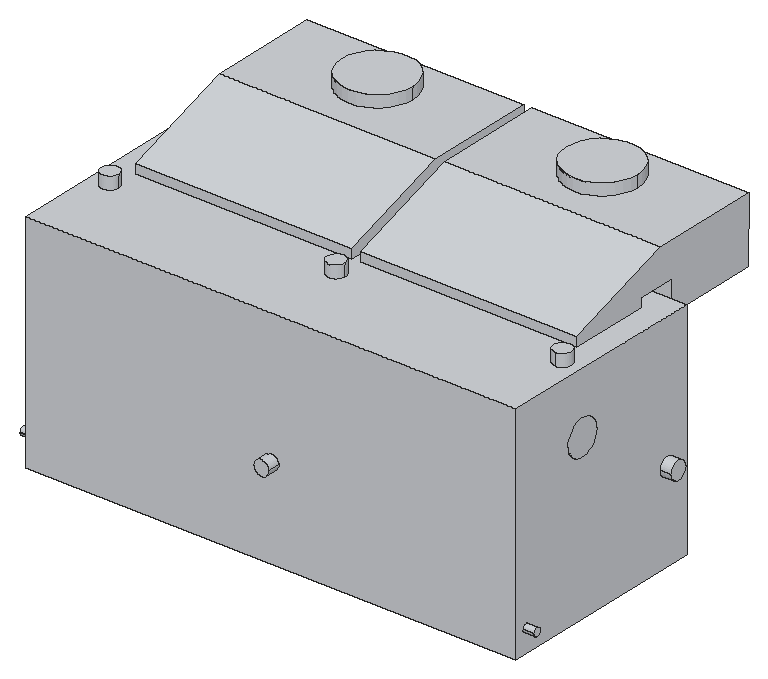
Revit family "f89224306cb6416989a7e629e5ad4aed", category Mechanical Equipment, Revit 2021
Family settings
  Round Connector Dimension = Use Radius
  Part Type = Normal
  OmniClass Number = 23.75.10.11.14.11
  OmniClass Title = Cast-Iron Boilers
  Seek Item ID = Gas Fired Boiler - Cast Iron - 873-1123 MBH-0000-USA-ENU
  Work Plane-Based = No
  Always vertical = Yes
  Cut with Voids When Loaded = No
  Shared = No
  Room Calculation Point = No
Parameters (values of type "873 MBH")
  Water Flow [instance] = 9.2 GPM
  Vent Radius 2 = 6"
  Vent Radius 1 = 6"
  Vent Length 2 = 1' - 10 3/8"
  Vent Length 1 = 3' - 2"
  Vent Diameter 1 = Vent Radius 1 * 2  # 12"
  Vent Diameter 2 = Vent Radius 2 * 2  # 12"
  Temperature Rise [instance] = 60 °F
  Supply Length 2 = 3' - 2 1/4"
  Supply Length 1 = 3' - 2 1/4"
  Water Pressure Drop [instance] = 47.50 psi
  Output Heat [instance] = 873600 Btu/h
  Input Heat [instance] = 1092000.0 Btu/h
  Gas Radius = 5/8"
  Gas Flow [instance] = 0.9 GPM
  Gas Diameter = Gas Radius * 2  # 1 1/4"
  Hot Water Radius = 1 1/2"
  Hot Water Diameter = Hot Water Radius * 2  # 3"
  Exhaust Air Flow [instance] = 0 CFM
  Default Elevation = 0' - 0"
  Cold Water Radius = 1 1/2"
  Cold Water Diameter = Cold Water Radius * 2  # 3"
  Drafthood Length 2 = 3' - 0 77/128"
  Drafthood Length 1 = 3' - 0 77/128"
  Boiler Material = none
  Boiler Length = 6' - 10 7/8"
  BHP [instance] = 25.77
  Hot Water Radius 1 = 1 1/2"
  Hot Water Diameter 1 = Hot Water Radius 1 * 2  # 3"
  Cold Water Radius 1 = 1 1/4"
  Cold Water Diameter 1 = Cold Water Radius 1 * 2  # 2 1/2"
  Assembly Code = ""
Types (4): name | Vent Length 2 | Vent Length 1 | Supply Length 2 | Supply Length 1 | Output Heat | Input Heat | Drafthood Length 2 | Drafthood Length 1 | Boiler Length | BHP
  873 MBH | 1' - 10 3/8" | 3' - 2" | 3' - 2 1/4" | 3' - 2 1/4" | 873600 Btu/h | 1092000.0 Btu/h | 3' - 0 77/128" | 3' - 0 77/128" | 6' - 10 7/8" | 25.77
  998 MBH | 2' - 1 1/8" | 3' - 7 1/2" | 3' - 7 5/8" | 3' - 7 5/8" | 998400 Btu/h | 1248000.0 Btu/h | 3' - 6 13/128" | 3' - 6 13/128" | 7' - 9 3/4" | 29.45
  1061 MBH | 2' - 3 7/8" | 3' - 10 1/4" | 4' - 1 1/8" | 3' - 7 5/8" | 1060800 Btu/h | 1326000.0 Btu/h | 3' - 11 1/2" | 3' - 6 13/128" | 8' - 3 1/4" | 31.29
  1123 MBH | 2' - 3 7/8" | 4' - 1" | 4' - 1 1/8" | 4' - 1 1/8" | 1123200 Btu/h | 1404000.0 Btu/h | 3' - 11 1/2" | 3' - 11 1/2" | 8' - 8 5/8" | 33.13
Reference planes (in)
  plane 1 "Center (Front/Back)": y = 0
  plane 2: z = 0
  plane 3 "Center (Left/Right)": x = 0
  plane 4: x = 82.875
  plane 5: y = 36
  plane 6: z = 38
  plane 7: z = 4
  plane 8: y = 2
  plane 9: x = -2
  plane 10: y = 31.8125
  plane 11: z = 15.375
  plane 12: x = 3.25
  plane 13: y = 13.75
  plane 14: z = 40
  plane 15: x = 41.5
  plane 16: x = 60.5
  plane 17: x = 42.19922
  plane 18: x = 78.80078
  plane 19: z = 27.5
  plane 20: y = 14
  plane 21: y = 54.1875
  plane 22: z = 34.1875
  plane 23: z = 45.4375
  plane 24: y = 38
  plane 25: y = 31.4375
  plane 26: y = 18
  plane 27: z = 39.5
  plane 28: y = 35.75
  plane 29: y = 46.1875
  plane 30: z = 47.4375
  plane 31: x = 84.875
  plane 32: x = 22.5
  plane 33: x = 4.19922
  plane 34: x = 40.80078
  plane 35: x = 79.75
  plane 36: y = -2
Forms (in)
  Extrusion 1, solid, material <- "Boiler Material"
    sketch origin (0, 0, 0) x (1, 0, 0) y (0, 1, 0)
      loop
        line (0, 36) -> (0, 0) -> (82.875, 0) -> (82.875, 36) -> (0, 36)
    from 0 to 38
  Extrusion 2, solid, material <- "Boiler Material"
    sketch origin (0, 0, 0) x (0, 1, 0) y (0, 0, 1)
      loop
        circle (2, 4) r 0.625
    from 0 to -2
  Extrusion 3, solid, material <- "Boiler Material"
    sketch origin (0, 0, 0) x (0, 1, 0) y (0, 0, 1)
      loop
        circle (31.8125, 15.375) r 1.5
    from 0 to -2
  Extrusion 4, solid, material <- "Boiler Material"
    sketch origin (0, 0, 0) x (1, 0, 0) y (0, 1, 0)
      loop
        circle (3.25, 13.75) r 1.5
    from 38 to 40
  Extrusion 5, solid, material <- "Boiler Material"
    sketch origin (0, 0, 0) x (1, 0, 0) y (0, 1, 0)
      loop
        circle (41.5, 13.75) r 1.5
    from 38 to 40
  Extrusion 6, solid, material <- "Boiler Material"
    sketch origin (0, 0, 0) x (0, 1, 0) y (0, 0, 1)
      loop
        circle (14, 27.5) r 3
    from 0 to 60.5
  Extrusion 7, solid, material <- "Boiler Material", detail levels fine
    sketch origin (0, 0, 0) x (0, 1, 0) y (0, 0, 1)
      loop
        line (18, 38) -> (31.4375, 38) -> (31.4375, 39.5) -> (38, 39.5) -> (38, 34.1875) -> (54.1875, 34.1875) -> (54.1875, 45.4375) -> (35.75, 45.4375) -> (18, 39.5) -> (18, 38)
    from 42.19922 to 78.80078
  Extrusion 8, solid, material <- "Boiler Material"
    sketch origin (0, 0, 0) x (1, 0, 0) y (0, 1, 0)
      loop
        circle (60.5, 46.1875) r 6
    from 45.4375 to 47.4375
  Extrusion 9, solid, material <- "Boiler Material"
    sketch origin (34, 0, 0) x (0, 1, 0) y (0, 0, -1)
      loop
        circle (31.8125, -15.375) r 1.5
    from -48.875 to -50.875
  Extrusion 10, solid, material <- "Boiler Material"
    sketch origin (44.75, 0, 0) x (0, 1, 0) y (0, 0, -1)
      loop
        circle (14, -27.5) r 3
    from -38.125 to -15.75
  Extrusion 11, solid, material <- "Boiler Material", detail levels fine
    sketch origin (59.55078, 0, 0) x (0, 1, 0) y (0, 0, -1)
      loop
        line (18, -38) -> (18, -39.5) -> (35.75, -45.4375) -> (54.1875, -45.4375) -> (54.1875, -34.1875) -> (38, -34.1875) -> (38, -39.5) -> (31.4375, -39.5) -> (31.4375, -38) -> (18, -38)
    from 18.75 to 55.35156
  Extrusion 12, solid, material <- "Boiler Material"
    sketch origin (62.44922, 0, 0) x (-1, 0, 0) y (0, -1, 0)
      loop
        circle (39.94922, -46.1875) r 6
    from 45.4375 to 47.4375
  Extrusion 13, solid, material <- "Boiler Material"
    sketch origin (0, 0, 0) x (1, 0, 0) y (0, 0, 1)
      loop
        circle (41.5, 15.375) r 1.25
    from 0 to 2
  Extrusion 14, solid, material <- "Boiler Material"
    sketch origin (0, 57.68752, 4) x (0, 1, 0) y (-1, 0, 0)
      loop
        circle (-43.93752, -79.75) r 1.5
    from 34 to 36
  Extrusion 15, solid, material <- "Boiler Material"
    sketch origin (84.39844, 0, 0) x (0, 1, 0) y (0, 0, -1)
      loop
        circle (2, -4) r 0.625
    from 1.52344 to -0.47656
  Extrusion 16, solid, material <- "Boiler Material", detail levels coarse+medium
    sketch origin (0, 57.68752, 4) x (0, 1, 0) y (-1, 0, 0)
      loop
        line (-3.50002, -4.19922) -> (-21.68752, -4.19922) -> (-21.68752, -78.80078) -> (-3.50002, -78.80078) -> (-3.50002, -4.19922)
    from 30.1875 to 41.4375
  Extrusion 17, solid, material <- "Boiler Material", detail levels coarse+medium
    sketch origin (0, 57.68752, 4) x (0, 1, 0) y (-1, 0, 0)
      loop
        line (-21.68752, -4.19922) -> (-39.68752, -4.19922) -> (-39.68752, -78.80078) -> (-21.68752, -78.80078) -> (-21.68752, -4.19922)
    from 34 to 41.4375
  Extrusion 18, solid, material <- "Boiler Material", detail levels fine
    sketch origin (0, 0, 0) x (1, 0, 0) y (0, 0, 1)
      loop
        circle (41.5, 15.375) r 1.25
    from 0 to 2
  Extrusion 19, solid, material <- "Boiler Material", detail levels fine
    sketch origin (79.75, 0, 0) x (0, 1, 0) y (0, 0, 1)
      loop
        circle (31.8125, 15.375) r 1.5
      loop
        circle (2, 4) r 0.625
    from 3.125 to 5.125
  Extrusion 20, solid, material <- "Boiler Material", detail levels fine
    sketch origin (79.75, 0, 0) x (0, 1, 0) y (0, 0, 1)
      loop
        circle (31.8125, 15.375) r 1.5
      loop
        circle (2, 4) r 0.625
    from -79.75 to -81.75
Cuts and joins
  joined: Extrusion 16, Extrusion 17
  joined: Extrusion 7, Extrusion 11
  joined: Extrusion 1, Extrusion 4, Extrusion 5, Extrusion 8, Extrusion 12, Extrusion 14
  joined: Extrusion 2, Extrusion 3, Extrusion 9, Extrusion 13, Extrusion 15
Lines and regions (in)
  model lines, detail levels coarse+medium
    curve 1: line (0, 2, 4) -> (-2, 2, 4)
    curve 2: line (0, 31.8125, 15.375) -> (-2, 31.8125, 15.375)
    curve 3: line (84.875, 31.8125, 15.375) -> (82.875, 31.8125, 15.375)
    curve 6: line (82.875, 2, 4) -> (84.875, 2, 4)
    curve 7: line (41.5, 0, 15.4109) -> (41.5, -2, 15.4109)
  model lines, detail levels coarse
    curve 4: line (60.5, 46.1875, 45.4375) -> (60.5, 46.1875, 47.4375)
    curve 5: line (22.5, 46.1875, 45.4375) -> (22.5, 46.1875, 47.4375)
  symbolic lines, detail levels fine
    curve 8: line (0, 33.3125, 4) -> (-2, 33.3125, 4)
    curve 9: line (-2, 30.3125, 4) -> (0, 30.3125, 4)
    curve 10: line (-2, 30.3125, 4) -> (-2, 33.3125, 4)
    curve 11: line (0, 2.625, 4) -> (-2, 2.625, 4)
    curve 12: line (-2, 1.375, 4) -> (0, 1.375, 4)
    curve 13: line (-2, 1.375, 4) -> (-2, 2.625, 4)
    curve 14: line (82.875, 33.3125, 4) -> (84.875, 33.3125, 4)
    curve 15: line (82.875, 30.3125, 4) -> (84.875, 30.3125, 4)
    curve 16: line (84.875, 33.3125, 4) -> (84.875, 30.3125, 4)
    curve 17: line (82.875, 2.625, 4) -> (84.875, 2.625, 4)
    curve 18: line (82.875, 1.375, 4) -> (84.875, 1.375, 4)
    curve 19: line (84.875, 2.625, 4) -> (84.875, 1.375, 4)
    curve 20: line (40.25, 0, 4) -> (40.25, -2, 4)
    curve 21: line (42.75, 0, 4) -> (42.75, -2, 4)
    curve 22: line (40.25, -2, 4) -> (42.75, -2, 4)
Dimensions and locks (in)
  locked: plane 6 to plane 2 at 38
  locked: plane 5 to plane 1 "Center (Front/Back)" at 36
  "Boiler Length": plane 4 to plane 3 "Center (Left/Right)"
  locked: plane 7 to plane 2 at 4
  locked: plane 8 to plane 1 "Center (Front/Back)" at 2
  locked: plane 3 "Center (Left/Right)" to plane 9 at 2
  locked: plane 5 to plane 10 at 4.1875
  locked: plane 11 to plane 2 at 15.375
  locked: plane 12 to plane 3 "Center (Left/Right)" at 3.25
  locked: plane 13 to plane 1 "Center (Front/Back)" at 13.75
  locked: plane 14 to plane 6 at 2
  "Supply Length 1": plane 15 to plane 12
  "Vent Length 2": plane 4 to plane 16
  "Drafthood Length 2": plane 18 to plane 17
  equal spacing: plane 18, plane 16, plane 17
  locked: plane 19 to plane 2 at 27.5
  locked: plane 20 to plane 1 "Center (Front/Back)" at 14
  locked: plane 21 to plane 1 "Center (Front/Back)" at 54.1875
  locked: plane 22 to plane 2 at 34.1875
  locked: plane 23 to plane 22 at 11.25
  locked: plane 21 to plane 24 at 16.1875
  locked: plane 24 to plane 25 at 6.5625
  locked: plane 25 to plane 26 at 13.4375
  locked: plane 27 to plane 6 at 1.5
  locked: plane 28 to plane 26 at 17.75
  locked: plane 29 to plane 1 "Center (Front/Back)" at 46.1875
  locked: plane 30 to plane 23 at 2
  locked: plane 31 to plane 4 at 2
  "Vent Length 1": plane 16 to plane 32
  "Drafthood Length 1": plane 34 to plane 33
  equal spacing: plane 34, plane 32, plane 33
  "Supply Length 2": plane 35 to plane 15
  locked: plane 1 "Center (Front/Back)" to plane 36 at 2
  plane 15 to plane 35 = 3' - 2 1/4"
  "Gas Radius": radius of Extrusion 2 sketch curve
  "Cold Water Radius": radius of Extrusion 3 sketch curve
  "Hot Water Radius": radius of Extrusion 4 sketch curve
  "Hot Water Radius 1": radius of Extrusion 5 sketch curve
  radius of Extrusion 6 sketch curve = 0' - 3"
  "Vent Radius 2": radius of Extrusion 8 sketch curve
  "Cold Water Radius": radius of Extrusion 9 sketch curve
  radius of Extrusion 10 sketch curve = 0' - 3"
  "Vent Radius 1": radius of Extrusion 12 sketch curve
  "Cold Water Radius 1": radius of Extrusion 13 sketch curve
  "Hot Water Radius": radius of Extrusion 14 sketch curve
  "Gas Radius": radius of Extrusion 15 sketch curve
  "Cold Water Radius 1": radius of Extrusion 18 sketch curve
  "Cold Water Radius": radius of Extrusion 19 sketch curve
  "Gas Radius": radius of Extrusion 19 sketch curve
  "Cold Water Radius": radius of Extrusion 20 sketch curve
  "Gas Radius": radius of Extrusion 20 sketch curve
  aligned and locked: Extrusion 1 to plane 5
  aligned and locked: plane 1 "Center (Front/Back)" to Extrusion 1
  aligned and locked: Extrusion 1 to plane 3 "Center (Left/Right)"
  aligned and locked: plane 4 to Extrusion 1
  aligned and locked: plane 6 to Extrusion 1
  aligned and locked: Extrusion 1 to plane 2
  aligned and locked: plane 8 to Extrusion 2 sketch curve
  aligned and locked: plane 7 to Extrusion 2 sketch curve
  aligned and locked: Extrusion 2 to plane 9
  aligned and locked: plane 3 "Center (Left/Right)" to Extrusion 2
  aligned and locked: plane 10 to Extrusion 3 sketch curve
  aligned and locked: plane 11 to Extrusion 3 sketch curve
  aligned and locked: Extrusion 3 to plane 9
  aligned and locked: plane 3 "Center (Left/Right)" to Extrusion 3
  aligned and locked: plane 13 to Extrusion 4 sketch curve
  aligned and locked: plane 12 to Extrusion 4 sketch curve
  aligned and locked: plane 14 to Extrusion 4
  aligned and locked: Extrusion 4 to plane 6
  aligned and locked: plane 15 to Extrusion 5 sketch curve
  aligned and locked: plane 13 to Extrusion 5 sketch curve
  aligned and locked: plane 14 to Extrusion 5
  aligned and locked: Extrusion 5 to plane 6
  aligned and locked: plane 20 to Extrusion 6 sketch curve
  aligned and locked: plane 19 to Extrusion 6 sketch curve
  aligned and locked: Extrusion 6 to plane 3 "Center (Left/Right)"
  aligned and locked: plane 16 to Extrusion 6
  aligned and locked: plane 23 to Extrusion 7
  aligned and locked: Extrusion 7 to plane 21
  aligned and locked: Extrusion 7 to plane 22
  aligned and locked: plane 24 to Extrusion 7
  aligned and locked: Extrusion 7 to plane 27
  aligned and locked: Extrusion 7 to plane 25
  aligned and locked: Extrusion 7 to plane 6
  aligned and locked: plane 26 to Extrusion 7
  aligned and locked: plane 18 to Extrusion 7
  aligned and locked: Extrusion 7 to plane 17
  aligned and locked: plane 16 to Extrusion 8 sketch curve
  aligned and locked: plane 29 to Extrusion 8 sketch curve
  aligned and locked: plane 23 to Extrusion 8
  aligned and locked: plane 30 to Extrusion 8
  aligned and locked: plane 31 to Extrusion 9
  aligned and locked: Extrusion 9 to plane 4
  aligned and locked: plane 10 to Extrusion 9 sketch curve
  aligned and locked: plane 11 to Extrusion 9 sketch curve
  aligned and locked: Extrusion 10 to plane 16
  aligned and locked: plane 4 to Extrusion 10
  aligned and locked: plane 20 to Extrusion 10 sketch curve
  aligned and locked: plane 19 to Extrusion 10 sketch curve
  aligned and locked: plane 3 "Center (Left/Right)" to curve 1
  aligned and locked: plane 9 to curve 1
  aligned and locked: plane 7 to curve 1
  aligned and locked: plane 3 "Center (Left/Right)" to curve 2
  aligned and locked: plane 9 to curve 2
  aligned and locked: curve 2 to plane 10
  aligned and locked: plane 4 to curve 3
  aligned and locked: plane 31 to curve 3
  aligned and locked: curve 3 to plane 10
  aligned and locked: plane 30 to curve 4
  aligned and locked: plane 16 to curve 4
  aligned and locked: plane 34 to Extrusion 11
  aligned and locked: Extrusion 11 to plane 33
  aligned and locked: plane 23 to Extrusion 11
  aligned and locked: Extrusion 11 to plane 22  (x2)
  aligned and locked: plane 32 to Extrusion 12 sketch curve
  aligned and locked: plane 29 to Extrusion 12 sketch curve
  aligned and locked: Extrusion 12 to plane 23
  aligned and locked: plane 30 to Extrusion 12
  aligned and locked: plane 24 to Extrusion 11
  aligned and locked: Extrusion 11 to plane 27
  aligned and locked: Extrusion 11 to plane 25
  aligned and locked: plane 26 to Extrusion 11
  aligned and locked: plane 23 to curve 5
  aligned and locked: plane 30 to curve 5
  aligned and locked: plane 32 to curve 5
  aligned and locked: plane 15 to Extrusion 13 sketch curve
  aligned and locked: plane 11 to Extrusion 13 sketch curve
  aligned and locked: plane 36 to Extrusion 13
  aligned and locked: plane 35 to Extrusion 14 sketch curve
  aligned and locked: plane 13 to Extrusion 14 sketch curve
  aligned and locked: plane 14 to Extrusion 14
  aligned and locked: Extrusion 14 to plane 6
  aligned and locked: Extrusion 15 to plane 4
  aligned and locked: plane 31 to Extrusion 15
  aligned and locked: plane 7 to Extrusion 15 sketch curve
  aligned and locked: plane 8 to Extrusion 15 sketch curve
  aligned and locked: curve 7 to plane 15
  aligned and locked: plane 1 "Center (Front/Back)" to curve 7
  aligned and locked: plane 36 to curve 7
  aligned and locked: plane 4 to curve 6
  aligned and locked: plane 31 to curve 6
  aligned and locked: plane 8 to curve 6
  aligned and locked: Extrusion 16 sketch curve to Extrusion 11  (x2)
  aligned and locked: Extrusion 16 sketch curve to Extrusion 7
  aligned and locked: Extrusion 16 sketch curve to plane 5
  aligned and locked: Extrusion 16 to Extrusion 17 sketch curve
  aligned and locked: Extrusion 17 sketch curve to Extrusion 16
  aligned and locked: Extrusion 17 sketch curve to Extrusion 7  (x2)
  aligned and locked: plane 23 to Extrusion 16
  aligned and locked: Extrusion 16 to Extrusion 7
  aligned and locked: plane 23 to Extrusion 17
  aligned and locked: Extrusion 17 to plane 6
  aligned and locked: cut or joined group of Extrusion 2, Extrusion 3, Extrusion 9, Extrusion 13, Extrusion 15 to curve 8
  aligned and locked: curve 8 to cut or joined group of Extrusion 2, Extrusion 3, Extrusion 9, Extrusion 13, Extrusion 15
  aligned and locked: curve 9 to cut or joined group of Extrusion 2, Extrusion 3, Extrusion 9, Extrusion 13, Extrusion 15
  aligned and locked: cut or joined group of Extrusion 2, Extrusion 3, Extrusion 9, Extrusion 13, Extrusion 15 to curve 9
  aligned and locked: cut or joined group of Extrusion 2, Extrusion 3, Extrusion 9, Extrusion 13, Extrusion 15 to curve 11
  aligned and locked: curve 11 to cut or joined group of Extrusion 2, Extrusion 3, Extrusion 9, Extrusion 13, Extrusion 15
  aligned and locked: curve 12 to cut or joined group of Extrusion 2, Extrusion 3, Extrusion 9, Extrusion 13, Extrusion 15
  aligned and locked: cut or joined group of Extrusion 2, Extrusion 3, Extrusion 9, Extrusion 13, Extrusion 15 to curve 12
  aligned and locked: curve 14 to cut or joined group of Extrusion 2, Extrusion 3, Extrusion 9, Extrusion 13, Extrusion 15
  aligned and locked: cut or joined group of Extrusion 2, Extrusion 3, Extrusion 9, Extrusion 13, Extrusion 15 to curve 14
  aligned and locked: curve 15 to cut or joined group of Extrusion 2, Extrusion 3, Extrusion 9, Extrusion 13, Extrusion 15
  aligned and locked: cut or joined group of Extrusion 2, Extrusion 3, Extrusion 9, Extrusion 13, Extrusion 15 to curve 15
  aligned and locked: curve 17 to cut or joined group of Extrusion 2, Extrusion 3, Extrusion 9, Extrusion 13, Extrusion 15
  aligned and locked: curve 18 to cut or joined group of Extrusion 2, Extrusion 3, Extrusion 9, Extrusion 13, Extrusion 15
  aligned and locked: cut or joined group of Extrusion 2, Extrusion 3, Extrusion 9, Extrusion 13, Extrusion 15 to curve 18
  aligned and locked: curve 19 to cut or joined group of Extrusion 2, Extrusion 3, Extrusion 9, Extrusion 13, Extrusion 15
  aligned and locked: curve 20 to cut or joined group of Extrusion 2, Extrusion 3, Extrusion 9, Extrusion 13, Extrusion 15
  aligned and locked: cut or joined group of Extrusion 2, Extrusion 3, Extrusion 9, Extrusion 13, Extrusion 15 to curve 20
  aligned and locked: curve 21 to cut or joined group of Extrusion 2, Extrusion 3, Extrusion 9, Extrusion 13, Extrusion 15
  aligned and locked: cut or joined group of Extrusion 2, Extrusion 3, Extrusion 9, Extrusion 13, Extrusion 15 to curve 21
  aligned and locked: plane 15 to Extrusion 18 sketch curve
  aligned and locked: plane 11 to Extrusion 18 sketch curve
  aligned and locked: Extrusion 18 to plane 1 "Center (Front/Back)"
  aligned and locked: plane 36 to Extrusion 18
  aligned and locked: plane 10 to Extrusion 19 sketch curve
  aligned and locked: plane 11 to Extrusion 19 sketch curve
  aligned and locked: plane 8 to Extrusion 19 sketch curve
  aligned and locked: plane 7 to Extrusion 19 sketch curve
  aligned and locked: plane 10 to Extrusion 20 sketch curve
  aligned and locked: plane 11 to Extrusion 20 sketch curve
  aligned and locked: plane 8 to Extrusion 20 sketch curve
  aligned and locked: plane 7 to Extrusion 20 sketch curve
  aligned and locked: Extrusion 20 to plane 9
  aligned and locked: plane 3 "Center (Left/Right)" to Extrusion 20
  aligned and locked: Extrusion 19 to plane 4
  aligned and locked: plane 31 to Extrusion 19
Automatic sketch dimensions
  Extrusion 1 sketch curve to plane 1 "Center (Front/Back)" = 0' - 0"
  Extrusion 1 sketch curve to plane 3 "Center (Left/Right)" = 0' - 0"
  Extrusion 1 sketch curve to plane 4 = 0' - 0"
  Extrusion 1 sketch curve to plane 5 = 0' - 0"
  Extrusion 7 sketch curve to plane 6 = 0' - 0"
  Extrusion 7 sketch curve to plane 26 = 0' - 0"
  Extrusion 7 sketch curve to plane 25 = 0' - 0"
  Extrusion 7 sketch curve to plane 23 = 0' - 0"
  Extrusion 7 sketch curve to plane 28 = 0' - 0"
  Extrusion 7 sketch curve to plane 22 = 0' - 0"
  Extrusion 7 sketch curve to plane 24 = 0' - 0"
  Extrusion 7 sketch curve to plane 21 = 0' - 0"
  Extrusion 7 sketch curve to plane 27 = 0' - 0"  (x2)
  curve 6 to plane 7 = 0' - 0"
  curve 6 to plane 31 = 0' - 2"
  plane 31 to curve 6 = 0' - 0"
  curve 2 to plane 3 "Center (Left/Right)" = 0' - 0"
  curve 2 to plane 9 = 0' - 0"
  curve 4 to plane 23 = 0' - 0"
  Extrusion 11 sketch curve to plane 6 = 0' - 0"
  Extrusion 11 sketch curve to plane 26 = 0' - 0"
  Extrusion 11 sketch curve to plane 25 = 0' - 0"
  Extrusion 11 sketch curve to plane 23 = 0' - 0"
  Extrusion 11 sketch curve to plane 28 = 0' - 0"
  Extrusion 11 sketch curve to plane 22 = 0' - 0"
  Extrusion 11 sketch curve to plane 24 = 0' - 0"
  Extrusion 11 sketch curve to plane 21 = 0' - 0"
  Extrusion 11 sketch curve to plane 27 = 0' - 0"  (x2)
  plane 11 to curve 7 = 0' - 0.0359"
  plane 36 to curve 7 = 0' - 0"
  curve 7 to plane 36 = 0' - 2"
  plane 8 to curve 19 = 0' - 0 5/8"
  plane 8 to curve 12 = 0' - 0 5/8"
  curve 11 to plane 8 = 0' - 0 5/8"
  curve 19 to plane 8 = 0' - 0 5/8"
  plane 25 to curve 9 = 0' - 1 1/8"
  plane 25 to curve 15 = 0' - 1 1/8"
  curve 14 to plane 10 = 0' - 1 1/2"
  curve 10 to plane 10 = 0' - 1 1/2"
  plane 17 to curve 21 = 0' - 0 141/256"
  curve 20 to plane 34 = 0' - 0 141/256"
Connectors (in)
  piping at (3.25, 13.75, 40), diameter 3, driven by "Water Flow", driven by "Water Pressure Drop", driven by "Hot Water Radius"
    settings: on Extrusion 4, index 1, connector inside diameter 3", connector length 0' - 0", flow factor 0, pipe flow 9.2 GPM, pressure drop 47.50 psi, fitting loss kfactor 0, connector angle 0.00°, fixture units 0, engagement length 0' - 0", angle of deflection 0.00°, flow configuration 0, flow direction 2, fitting loss method 4, system type 7, joint type 0, gender type 0, connector reference index -1, connector utility 0, adjustable connector no, is connector primary yes, connector description "Hot Water Out"
  piping at (41.5, 13.75, 40), diameter 3, driven by "Water Flow", driven by "Water Pressure Drop", driven by "Hot Water Radius 1"
    settings: on Extrusion 5, index 2, connector inside diameter 3", connector length 0' - 0", flow factor 0, pipe flow 9.2 GPM, pressure drop 47.50 psi, fitting loss kfactor 0, connector angle 0.00°, fixture units 0, engagement length 0' - 0", angle of deflection 0.00°, flow configuration 0, flow direction 2, fitting loss method 4, system type 7, joint type 0, gender type 0, connector reference index -1, connector utility 0, adjustable connector no, is connector primary no, connector description "Hot Water Out"
  piping at (79.75, 13.75, 40), diameter 3, driven by "Water Flow", driven by "Water Pressure Drop", driven by "Hot Water Radius"
    settings: on Extrusion 14, index 3, connector inside diameter 3", connector length 0' - 0", flow factor 0, pipe flow 9.2 GPM, pressure drop 47.50 psi, fitting loss kfactor 0, connector angle 0.00°, fixture units 0, engagement length 0' - 0", angle of deflection 0.00°, flow configuration 0, flow direction 2, fitting loss method 4, system type 7, joint type 0, gender type 0, connector reference index -1, connector utility 0, adjustable connector no, is connector primary no, connector description "Hot Water Out"
  piping at (84.875, 31.8125, 15.375), diameter 3, driven by "Water Flow", driven by "Cold Water Radius"
    settings: on Extrusion 9, index 4, connector inside diameter 3", connector length 0' - 0", flow factor 0, pipe flow 9.2 GPM, pressure drop 0.00 psi, fitting loss kfactor 0, connector angle 0.00°, fixture units 0, engagement length 0' - 0", angle of deflection 0.00°, flow configuration 0, flow direction 1, fitting loss method 0, system type 8, joint type 0, gender type 0, connector reference index -1, connector utility 0, adjustable connector no, is connector primary no, connector description "Cold Water In"
  piping at (-2, 31.8125, 15.375), diameter 3, driven by "Cold Water Radius", driven by "Water Flow"
    settings: on Extrusion 3, index 5, connector inside diameter 3", connector length 0' - 0", flow factor 0, pipe flow 9.2 GPM, pressure drop 0.00 psi, fitting loss kfactor 0, connector angle 0.00°, fixture units 0, engagement length 0' - 0", angle of deflection 0.00°, flow configuration 0, flow direction 1, fitting loss method 0, system type 8, joint type 0, gender type 0, connector reference index -1, connector utility 0, adjustable connector no, is connector primary no, connector description "Cold Water In"
  piping at (41.5, -2, 15.375), diameter 2.5, driven by "Cold Water Radius 1", driven by "Water Flow"
    settings: on Extrusion 13, index 6, connector inside diameter 2 1/2", connector length 0' - 0", flow factor 0, pipe flow 9.2 GPM, pressure drop 0.00 psi, fitting loss kfactor 0, connector angle 0.00°, fixture units 0, engagement length 0' - 0", angle of deflection 0.00°, flow configuration 0, flow direction 1, fitting loss method 0, system type 8, joint type 0, gender type 0, connector reference index -1, connector utility 0, adjustable connector no, is connector primary no, connector description "Cold Water In"
  piping at (-2, 2, 4), diameter 1.25, driven by "Gas Flow", driven by "Gas Radius"
    settings: on Extrusion 2, index 7, connector inside diameter 1 1/4", connector length 0' - 0", flow factor 0, pipe flow 0.9 GPM, pressure drop 0.00 psi, fitting loss kfactor 0, connector angle 0.00°, fixture units 0, engagement length 0' - 0", angle of deflection 0.00°, flow configuration 1, flow direction 1, fitting loss method 0, system type 22, joint type 0, gender type 0, connector reference index -1, connector utility 0, adjustable connector no, is connector primary no, connector description "Gas In"
  piping at (84.875, 2, 4), diameter 1.25, driven by "Gas Flow", driven by "Gas Radius"
    settings: on Extrusion 15, index 8, connector inside diameter 1 1/4", connector length 0' - 0", flow factor 0, pipe flow 0.9 GPM, pressure drop 0.00 psi, fitting loss kfactor 0, connector angle 0.00°, fixture units 0, engagement length 0' - 0", angle of deflection 0.00°, flow configuration 1, flow direction 1, fitting loss method 0, system type 22, joint type 0, gender type 0, connector reference index -1, connector utility 0, adjustable connector no, is connector primary no, connector description "Gas In"
  hvac at (22.5, 46.1875, 47.4375), driven by "Vent Radius 1", driven by "Exhaust Air Flow"
    settings: on Extrusion 12, index 9, duct flow 0 CFM, flow factor 0, pres drop 0.00 in-wg, loss coef 0, conn angle 0.00°, conn width 12", conn height 12", conn diameter 12", duct sys type 3, conn prof type 0, flow config 1, flow direction 2, loss method 0, conn ref index -1, conn util no, is conn primary yes, conn desc ""
  hvac at (60.5, 46.1875, 47.4375), driven by "Exhaust Air Flow", driven by "Vent Radius 2"
    settings: on Extrusion 8, index 10, duct flow 0 CFM, flow factor 0, pres drop 0.00 in-wg, loss coef 0, conn angle 0.00°, conn width 12", conn height 12", conn diameter 12", duct sys type 3, conn prof type 0, flow config 1, flow direction 2, loss method 0, conn ref index -1, conn util no, is conn primary no, conn desc ""
  piping at (82.875, 14, 27.5), diameter 1.5
    settings: on Extrusion 10, index 11, connector inside diameter 1 1/2", connector length 0' - 0", flow factor 0, pipe flow 0.0 GPM, pressure drop 0.00 psi, fitting loss kfactor 0, connector angle 0.00°, fixture units 0, engagement length 0' - 0", angle of deflection 0.00°, flow configuration 1, flow direction 2, fitting loss method 0, system type 16, joint type 0, gender type 0, connector reference index -1, connector utility 0, adjustable connector yes, is connector primary no, connector description "Drain Out"
  piping at (0, 14, 27.5), diameter 1.5
    settings: on Extrusion 6, index 12, connector inside diameter 1 1/2", connector length 0' - 0", flow factor 0, pipe flow 0.0 GPM, pressure drop 0.00 psi, fitting loss kfactor 0, connector angle 0.00°, fixture units 0, engagement length 0' - 0", angle of deflection 0.00°, flow configuration 1, flow direction 2, fitting loss method 0, system type 16, joint type 0, gender type 0, connector reference index -1, connector utility 0, adjustable connector yes, is connector primary no, connector description "Drain Out"
  electrical at (82.875, 18, 19)
    settings: on Extrusion 1, index 13, voltage 0 V, apparent load 0 VA, apparent load phase1 0 VA, apparent load phase2 0 VA, apparent load phase3 0 VA, power factor 1, load classification "Other", number of poles 1, system type 13, power factor state 1, is connector primary yes, connector utility no, sub classification motor no, connector description ""
